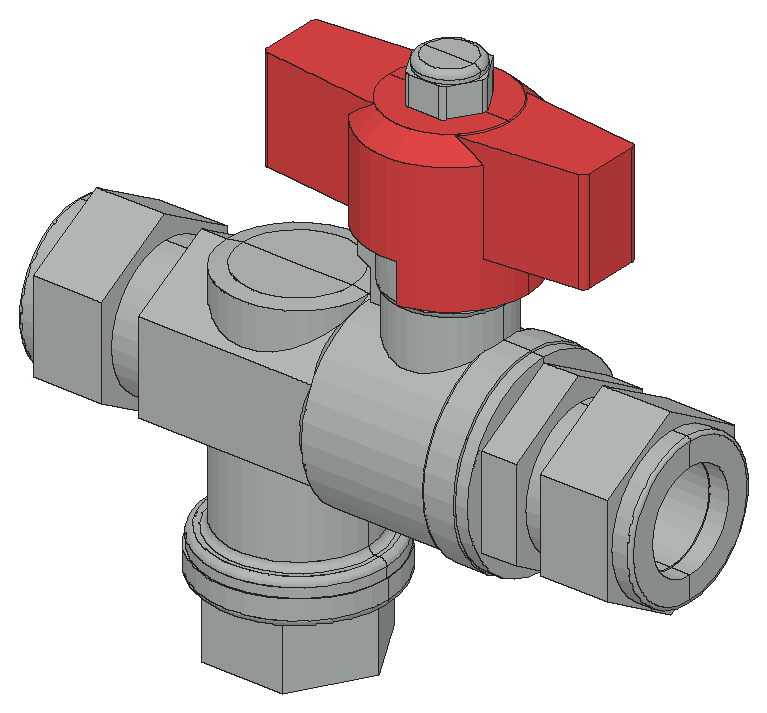
Revit family "QD36300000", category Apparecchi idraulici, Revit 2020
Family settings
  Quota connettore circolare = Usa diametro
  Tipo di parte = Normale
  Numero OmniClass = 23.45.00.00
  Titolo OmniClass = Sanitary, Laundry, and Cleaning Equipment
  Basato su piano di lavoro = No
  Sempre verticale = Sì
  Taglio con vuoti quando caricato = No
  Condiviso = No
  Punto di calcolo locali = No
Parameters
  URL = "https://web.cimberio.it/index.php/figura/597?subcategoria_id=89"
  Temperatura di esercizio = "-20 ÷ 120°C"
  Prospetto di default = 0 mm
  Produttore = "CIMBERIO SPA"
  Pressione nominale = "PN 16"
  Modello = "Cim 623"
  Materiale = "Prodotto in lega di ottone conforme alla norma EN 12165-CW617N-DW"
  Descrizione = "Utilizzato nei più svariati settori dell'impiantistica: impianti di riscaldamento, condizionamento, idrici, igienico-sanitari, aria compressa, reti di distribuzione oli, benzine, vapore saturo e in generale con ogni fluido non corrosivo"
  DN Model [instance] = QD36305015 : QD36305015
  DN [instance] = 15 mm
  Commenti sul tipo = "Realizzato in ottemperanza ai requisiti gestionali della norma EN ISO 9001.\r\nCollaudato al 100% secondo la normativa EN 12266-1"
Reference planes
  plane 1 "Centro (Fronte/Retro)": y = 0
  plane 2: z = 0
  plane 3 "Centro (Sinistra/Destra)": x = 0
Dimensions and locks
  aligned and locked: level to plane 2
Nested families
  nested 1: "QD36305015" at (0, 0, 0), type <- "DN Model", type "QD36305015"
  nested 2: "QD36305015" at (0, 0, 0), type <- "DN Model", type "QD36305015"
  nested 3: "QD36305015" at (0, 0, 0), type <- "DN Model", type "QD36305015"
  nested 4: "QD36305015" at (0, 0, 0), type <- "DN Model", type "QD36305015"
  nested 5: "QD36305015" at (0, 0, 0), type <- "DN Model", type "QD36305015"
  nested 6: "QD36305015" at (0, 0, 0), type <- "DN Model", type "QD36305015"
  nested 7: "QD36305015" at (0, 0, 0), type <- "DN Model", type "QD36305015"
  nested 8: "QD36305015" at (0, 0, 0), type <- "DN Model", type "QD36305015"
  nested 9: "QD36305015" at (0, 0, 0), type <- "DN Model", type "QD36305015"
  nested 10: "QD36305015" at (0, 0, 0), type <- "DN Model", type "QD36305015"
  nested 11: "QD36305015" at (0, 0, 0), type <- "DN Model", type "QD36305015"
  nested 12: "QD36305015" at (0, 0, 0), type <- "DN Model", type "QD36305015"
  nested 13: "QD36305015" at (0, 0, 0), type <- "DN Model", type "QD36305015"
  nested 14: "QD36305015" at (0, 0, 0), type <- "DN Model", type "QD36305015"
  nested 15: "QD36305015" at (0, 0, 0), type <- "DN Model", type "QD36305015"
Connectors
  piping at (20.1, 0, 0), diameter 15, driven by "DN"
    settings: on nested 1, index 1, connector inside diameter 609.6 mm, connector length 0 mm, flow factor 0, pipe flow 0.0 L/s, pressure drop 0.0 Pa, fitting loss kfactor 0, connector angle 0.00°, fixture units 0, engagement length 0 mm, angle of deflection 0.00°, flow configuration 0, flow direction 0, fitting loss method 0, system type 7, joint type 0, gender type 0, connector reference index -1, connector utility 0, adjustable connector no, is connector primary yes, connector description ""
  piping at (-70, 0, 0), diameter 15, driven by "DN"
    settings: on nested 1, index 2, connector inside diameter 609.6 mm, connector length 0 mm, flow factor 0, pipe flow 0.0 L/s, pressure drop 0.0 Pa, fitting loss kfactor 0, connector angle 0.00°, fixture units 0, engagement length 0 mm, angle of deflection 0.00°, flow configuration 0, flow direction 0, fitting loss method 0, system type 7, joint type 0, gender type 0, connector reference index -1, connector utility 0, adjustable connector no, is connector primary no, connector description ""
Definition of nested family "QD36305015"
  Parameters (values of type "QD36305015")
    Default Elevation = 0 mm
  Reference planes
    plane 1 "Centro (Fronte/Retro)": y = 0
    plane 2: z = 0
    plane 3 "Centro (Sinistra/Destra)": x = 0
  Forms (mm)
    Extrusion 1, solid
      sketch origin (0, 0, 0) x (0, 0, -1) y (0, 1, 0)
        loop
          circle (0, 0) r 7.5
        loop
          line (-14, 0) -> (-7, -12.124) -> (7, -12.124) -> (14, 0) -> (7, 12.124) -> (-7, 12.124) -> (-14, 0)
      from -38.5 to -11
    Extrusion 2, solid
      sketch origin (0, 0, 0) x (0, 0, 1) y (0, -1, 0)
        loop
          circle (0, 0) r 7.5
        loop
          line (14.05, 0) -> (7.025, 12.168) -> (-7.025, 12.168) -> (-14.05, 0) -> (-7.025, -12.168) -> (7.025, -12.168) -> (14.05, 0)
      from 14.6 to 20.1
    Revolve 3, solid
      sketch origin (0, 0, 2.5) x (1, 0, 0) y (0, 0, 1)
        loop
          line (0, 43.3) -> (-9.25, 43.3) -> (-12.25, 40.3) -> (-12.25, 20.3) -> (-7.802, 20.3) -> (-7.802, 39.889) -> (0, 39.889) -> (0, 43.3)
        axis (0, 43.3) -> (0, 20.3)
      angle from 0 to 360
    Extrusion 4, void
      sketch origin (0, 0, 0) x (1, 0, 0) y (0, 1, 0)
        loop
          arc (-12.226, -0.772) -> (-7.782, -9.46) -> (1.6, -12.145) r 12.25
          line (1.6, -12.145) -> (1.6, -7.898)
          arc (1.6, -7.898) -> (-2.859, -5.409) -> (-4.999, -0.772) r 8.25
          line (-4.999, -0.772) -> (-12.226, -0.772)
      from 21.96 to 28.8
    Extrusion 5, solid
      sketch origin (-0.001, 0, 0) x (1, -0.000098, 0) y (0.000098, 1, 0)
        loop
          arc (-2.307, 5) -> (-2.809, 4.865) -> (-3.177, 4.498) r 1.004
          line (-3.177, 4.498) -> (-5.487, 0.496)
          arc (-5.487, 0.496) -> (-5.62, 0) -> (-5.487, -0.496) r 0.992
          line (-5.487, -0.496) -> (-3.188, -4.478)
          arc (-3.188, -4.478) -> (-2.806, -4.86) -> (-2.284, -5) r 1.043
          line (-2.284, -5) -> (2.288, -5)
          arc (2.288, -5) -> (2.806, -4.861) -> (3.186, -4.481) r 1.038
          line (3.186, -4.481) -> (5.496, -0.481)
          arc (5.496, -0.481) -> (5.625, 0) -> (5.496, 0.481) r 0.963
          line (5.496, 0.481) -> (3.176, 4.499)
          arc (3.176, 4.499) -> (2.809, 4.866) -> (2.309, 5) r 1.001
          line (2.309, 5) -> (-2.307, 5)
      from 45.8 to 50.3
    Revolve 6, solid
      sketch origin (0, 0, 0) x (1, 0, 0) y (0, 0, 1)
        loop
          line (0, 51.8) -> (0, 49.926) -> (4.75, 49.926) -> (4.75, 50.8)
          arc (4.75, 50.8) -> (4.457, 51.507) -> (3.75, 51.8) r 1
          line (3.75, 51.8) -> (0, 51.8)
        axis (0, 51.8) -> (0, 49.926)
      angle from 0 to 360
    Revolve 7, solid
      sketch origin (0, 0, 0) x (1, 0, 0) y (0, 0, 1)
        loop
          line (0.067, 27.3) -> (-9, 27.3) -> (-8.874, 20.742)
          arc (-8.874, 20.742) -> (-8.731, 20.295) -> (-8.367, 20) r 0.819
          line (-8.367, 20) -> (-8.367, 7.3) -> (0.067, 7.3) -> (0.067, 27.3)
        axis (0.067, 7.3) -> (0.067, 27.3)
      angle from 0 to 360
    Revolve 8, solid
      sketch origin (0, 0, 0) x (1, 0, 0) y (0, 0, 1)
        loop
          line (12.6, -7.5) -> (-13.15, -7.5) -> (-13.15, -12.65) -> (-11.5, -14.3) -> (7.5, -14.3)
          arc (7.5, -14.3) -> (7.635, -14.732) -> (8, -15) r 0.726
          line (8, -15) -> (12.6, -15) -> (12.6, -7.5)
        axis (12.6, 0) -> (-13.15, 0)
      angle from 0 to 360
    Revolve 9, solid
      sketch origin (0, 0, 0) x (1, 0, 0) y (0, 0, 1)
        loop
          line (12.6, 14.75) -> (12.6, 7.5) -> (14.6, 7.5) -> (14.6, 14.75) -> (12.6, 14.75)
        axis (12.6, 0) -> (14.6, 0)
      angle from 0 to 360
    Extrusion 10, solid
      sketch origin (0, 0, 0) x (1, 0, 0) y (0, 0, 1)
        loop
          line (-13, 26.3) -> (-13, 20) -> (-11, 18.845) -> (-11, 12.307) -> (-7.367, 12.307) -> (-7.367, 26.3) -> (-13, 26.3)
      from 0 to 1.5
    Extrusion 11, solid
      sketch origin (0, 0, 0) x (1, 0, 0) y (0, 1, 0)
        loop
          line (-25, 4.095) -> (-25, -4.095)
          arc (-25, -4.095) -> (-24.741, -4.766) -> (-24.099, -5.09) r 1
          line (-24.099, -5.09) -> (0, -7.495) -> (24.099, -5.09)
          arc (24.099, -5.09) -> (24.741, -4.766) -> (25, -4.095) r 1
          line (25, -4.095) -> (25, 4.095)
          arc (25, 4.095) -> (24.741, 4.766) -> (24.099, 5.09) r 1
          line (24.099, 5.09) -> (0, 7.495) -> (-24.099, 5.09)
          arc (-24.099, 5.09) -> (-24.741, 4.766) -> (-25, 4.095) r 1
      from 29.84 to 45.713
    Revolve 12, solid
      sketch origin (0, 0, 0) x (1, 0, 0) y (0, 0, 1)
        loop
          line (-37.5, -24.428) -> (-37.5, -27.428)
          arc (-37.5, -27.428) -> (-37.207, -28.135) -> (-36.5, -28.428) r 1
          line (-36.5, -28.428) -> (-31, -28.428) -> (-31, -24.428) -> (-37.5, -24.428)
        axis (-23.5, -28.428) -> (-23.5, -24.428)
      angle from 0 to 360
    Revolve 13, solid
      sketch origin (0, 0, 0) x (1, 0, 0) y (0, 0, 1)
        loop
          line (-31, -21.928) -> (-36.25, -21.928)
          arc (-36.25, -21.928) -> (-36.957, -22.221) -> (-37.25, -22.928) r 1
          line (-37.25, -22.928) -> (-37.25, -24.428) -> (-31, -24.428) -> (-31, -21.928)
        axis (-23.5, -24.428) -> (-23.5, -21.928)
      angle from 0 to 360
    Revolve 14, solid
      sketch origin (0, 0, 0) x (1, 0, 0) y (0, 0, 1)
        loop
          line (-31, -21.928) -> (-31, 11.872) -> (-23.5, 11.872) -> (-23.5, 14.372) -> (-32, 14.372)
          arc (-32, 14.372) -> (-33.259, 14.247) -> (-34.5, 14) r 13.001
          line (-34.5, 14) -> (-34.5, -20.928)
          arc (-34.5, -20.928) -> (-34.793, -21.635) -> (-35.5, -21.928) r 1
          line (-35.5, -21.928) -> (-31, -21.928)
        axis (-23.5, -21.928) -> (-23.5, 14.372)
      angle from 0 to 360
    Extrusion 15, solid
      sketch origin (-23.5, 0, -24.428) x (0, 1, 0) y (1, 0, 0)
        loop
          circle (0, 0) r 7.5
        loop
          line (0, 12.5) -> (-10.825, 6.25) -> (-10.825, -6.25) -> (0, -12.5) -> (10.825, -6.25) -> (10.825, 6.25) -> (0, 12.5)
      from 3 to 14
    Revolve 16, solid
      sketch origin (12.24, 0, 0) x (1, 0, 0) y (0, 0, 1)
        loop
          line (-66.984, 11.572) -> (-69.466, 11.572)
          arc (-69.466, 11.572) -> (-69.844, 11.416) -> (-70, 11.038) r 0.534
          line (-70, 11.038) -> (-70, 7.5) -> (-66.984, 7.5) -> (-66.984, 11.572)
        axis (-70, 0) -> (-66.984, 0)
      angle from 0 to 360
    Revolve 17, solid
      sketch origin (0, 0, 0) x (1, 0, 0) y (0, 0, 1)
        loop
          line (-44.21, 10.447) -> (-44.21, 7.5) -> (-38.457, 7.5) -> (-38.457, 10.447) -> (-44.21, 10.447)
        axis (-44.21, 0) -> (-38.457, 0)
      angle from 0 to 360
    Extrusion 18, solid
      sketch origin (13.996, 0, 0) x (0, 0, 1) y (0, -1, 0)
        loop
          circle (0, 0) r 7.5
        loop
          line (14.05, 0) -> (7.025, 12.168) -> (-7.025, 12.168) -> (-14.05, 0) -> (-7.025, -12.168) -> (7.025, -12.168) -> (14.05, 0)
      from 9.848 to 20.348
    Extrusion 19, solid
      sketch origin (-32.255, 0, 0) x (0, 0, -1) y (0, 1, 0)
        loop
          circle (0, 0) r 7.5
        loop
          line (-14, 0) -> (-7, -12.124) -> (7, -12.124) -> (14, 0) -> (7, 12.124) -> (-7, 12.124) -> (-14, 0)
      from -22.489 to -11.955
    Revolve 20, solid
      sketch origin (-32.64, 0, 0) x (-1, 0, 0) y (0, 0, -1)
        loop
          line (-66.984, -11.572) -> (-66.984, -7.5) -> (-70, -7.5) -> (-70, -11.038)
          arc (-70, -11.038) -> (-69.844, -11.416) -> (-69.466, -11.572) r 0.534
          line (-69.466, -11.572) -> (-66.984, -11.572)
        axis (-70, 0) -> (-66.984, 0)
      angle from 0 to 360
    Revolve 21, solid
      sketch origin (0, 0, 0) x (-1, 0, 0) y (0, 0, 1)
        loop
          line (-24.024, 10.447) -> (-24.024, 7.5) -> (-19.947, 7.5) -> (-19.947, 10.447) -> (-24.024, 10.447)
        axis (-24.024, 0) -> (-19.947, 0)
      angle from 0 to 360
  Cuts and joins
    Extrusion 4 cuts Revolve 3
    joined: Revolve 7, Revolve 8
    joined: Extrusion 1, Revolve 14
  Dimensions and locks
    aligned and locked: level to plane 2
